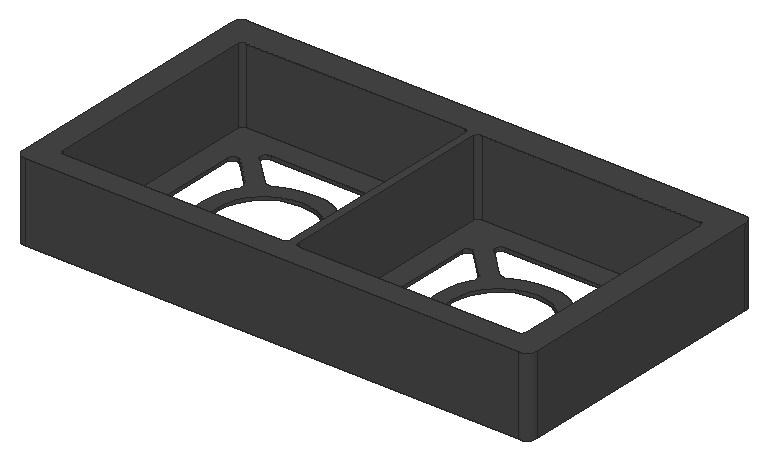
Revit family "ECORASTER Half_Bloxx_without_blocks", category Allgemeines Modell, Revit 2016
Family settings
  Teiletyp = Normal
  Kann Basisbauteil für Bewehrung sein = Nein
  Bemaßung runder Anschluss = Durchmesser verwenden
  Arbeitsebenenbasiert = Nein
  Immer vertikal = Ja
  Beim Laden mit Abzugskörper schneiden = Nein
  Gemeinsam genutzt = Nein
  Raumberechnungspunkt = Nein
Reference planes
  plane 1 "Center (Front/Back)": y = 0
  plane 2: z = 0
  plane 3 "Center (Left/Right)": x = 0
Forms (mm)
  Extrusion 1, solid, material "Black", detail levels fine
    sketch origin (0, 12.645, 0) x (1, 0, 0) y (0, 1, 0)
      loop
        spline (-158.001, 167.355) -> (-158.915, 167.295) -> (-159.813, 167.117) -> (-160.68, 166.823) -> (-161.501, 166.418) -> (-162.262, 165.909) -> (-162.95, 165.305) -> (-163.554, 164.617) -> (-164.062, 163.856) -> (-164.467, 163.035) -> (-164.762, 162.168) -> (-164.94, 161.27) -> (-165, 160.356)
        line (-165, 160.356) -> (-165, -5.646)
        spline (-165, -5.646) -> (-164.94, -6.559) -> (-164.762, -7.457) -> (-164.467, -8.324) -> (-164.062, -9.145) -> (-163.554, -9.907) -> (-162.95, -10.595) -> (-162.262, -11.198) -> (-161.501, -11.707) -> (-160.68, -12.112) -> (-159.813, -12.406) -> (-158.915, -12.585) -> (-158.001, -12.645)
        line (-158.001, -12.645) -> (158.001, -12.645)
        spline (158.001, -12.645) -> (158.915, -12.585) -> (159.813, -12.406) -> (160.68, -12.112) -> (161.501, -11.707) -> (162.262, -11.198) -> (162.95, -10.595) -> (163.554, -9.907) -> (164.062, -9.145) -> (164.467, -8.324) -> (164.762, -7.457) -> (164.94, -6.559) -> (165, -5.646)
        line (165, -5.646) -> (165, 160.356)
        spline (165, 160.356) -> (164.94, 161.27) -> (164.762, 162.168) -> (164.467, 163.035) -> (164.062, 163.856) -> (163.554, 164.617) -> (162.95, 165.305) -> (162.262, 165.909) -> (161.501, 166.418) -> (160.68, 166.823) -> (159.813, 167.117) -> (158.915, 167.295) -> (158.001, 167.355)
        line (158.001, 167.355) -> (-158.001, 167.355)
      loop
        spline (-145.384, 148.384) -> (-145.776, 148.358) -> (-146.161, 148.282) -> (-146.532, 148.156) -> (-146.884, 147.982) -> (-147.211, 147.764) -> (-147.506, 147.506) -> (-147.764, 147.211) -> (-147.982, 146.884) -> (-148.156, 146.532) -> (-148.282, 146.161) -> (-148.358, 145.776) -> (-148.384, 145.384)
        line (-148.384, 145.384) -> (-148.384, 5.474)
        arc (-148.384, 5.474) -> (-147.505, 3.353) -> (-145.384, 2.474) r 3
        line (-145.384, 2.474) -> (-5.474, 2.474)
        arc (-5.474, 2.474) -> (-3.353, 3.353) -> (-2.474, 5.474) r 3
        line (-2.474, 5.474) -> (-2.474, 145.384)
        arc (-2.474, 145.384) -> (-3.353, 147.505) -> (-5.474, 148.384) r 3
        line (-5.474, 148.384) -> (-145.384, 148.384)
      loop
        line (145.384, 148.384) -> (5.474, 148.384)
        arc (5.474, 148.384) -> (3.353, 147.505) -> (2.474, 145.384) r 3
        line (2.474, 145.384) -> (2.474, 5.474)
        arc (2.474, 5.474) -> (3.353, 3.353) -> (5.474, 2.474) r 3
        line (5.474, 2.474) -> (145.384, 2.474)
        arc (145.384, 2.474) -> (147.505, 3.353) -> (148.384, 5.474) r 3
        line (148.384, 5.474) -> (148.384, 145.384)
        spline (148.384, 145.384) -> (148.358, 145.776) -> (148.282, 146.161) -> (148.156, 146.532) -> (147.982, 146.884) -> (147.764, 147.211) -> (147.506, 147.506) -> (147.211, 147.764) -> (146.884, 147.982) -> (146.532, 148.156) -> (146.161, 148.282) -> (145.776, 148.358) -> (145.384, 148.384)
    from 0 to 50
  Extrusion 2, solid, material "Black", detail levels fine
    sketch origin (0, 12.645, 0) x (1, 0, 0) y (0, 1, 0)
      loop
        arc (-54.55, 109.477) -> (-50.722, 108.655) -> (-47.202, 110.369) r 6
        line (-47.202, 110.369) -> (-30.523, 127.048)
        spline (-30.523, 127.048) -> (-30.081, 127.584) -> (-29.752, 128.191) -> (-29.548, 128.848) -> (-29.476, 129.529) -> (-29.54, 130.209) -> (-29.736, 130.861) -> (-30.058, 131.461) -> (-30.494, 131.986) -> (-31.026, 132.417) -> (-31.635, 132.737) -> (-32.297, 132.934) -> (-32.989, 133)
        line (-32.989, 133) -> (-117.511, 133)
        spline (-117.511, 133) -> (-118.203, 132.934) -> (-118.865, 132.737) -> (-119.474, 132.417) -> (-120.006, 131.986) -> (-120.442, 131.461) -> (-120.764, 130.861) -> (-120.96, 130.209) -> (-121.024, 129.529) -> (-120.952, 128.848) -> (-120.748, 128.191) -> (-120.419, 127.584) -> (-119.977, 127.048)
        line (-119.977, 127.048) -> (-103.298, 110.369)
        arc (-103.298, 110.369) -> (-99.778, 108.655) -> (-95.95, 109.477) r 6
        arc (-95.95, 109.477) -> (-75.25, 115.25) -> (-54.55, 109.477) r 40
      loop
        spline (-127.048, 119.977) -> (-127.584, 120.419) -> (-128.191, 120.748) -> (-128.848, 120.952) -> (-129.529, 121.024) -> (-130.209, 120.96) -> (-130.861, 120.764) -> (-131.461, 120.442) -> (-131.986, 120.006) -> (-132.417, 119.474) -> (-132.737, 118.865) -> (-132.934, 118.203) -> (-133, 117.511)
        line (-133, 117.511) -> (-133, 32.989)
        spline (-133, 32.989) -> (-132.934, 32.297) -> (-132.737, 31.635) -> (-132.417, 31.026) -> (-131.986, 30.494) -> (-131.461, 30.058) -> (-130.861, 29.736) -> (-130.209, 29.54) -> (-129.529, 29.476) -> (-128.848, 29.548) -> (-128.191, 29.752) -> (-127.584, 30.081) -> (-127.048, 30.523)
        line (-127.048, 30.523) -> (-110.369, 47.202)
        arc (-110.369, 47.202) -> (-108.655, 50.722) -> (-109.477, 54.55) r 6
        arc (-109.477, 54.55) -> (-115.25, 75.25) -> (-109.477, 95.95) r 40
        arc (-109.477, 95.95) -> (-108.655, 99.778) -> (-110.369, 103.298) r 6
        line (-110.369, 103.298) -> (-127.048, 119.977)
      loop
        circle (-75.25, 75.25) r 30
      loop
        spline (-119.977, 23.452) -> (-120.419, 22.916) -> (-120.748, 22.309) -> (-120.952, 21.652) -> (-121.024, 20.971) -> (-120.96, 20.291) -> (-120.764, 19.639) -> (-120.442, 19.039) -> (-120.006, 18.514) -> (-119.474, 18.083) -> (-118.865, 17.763) -> (-118.203, 17.566) -> (-117.511, 17.5)
        line (-117.511, 17.5) -> (-32.989, 17.5)
        spline (-32.989, 17.5) -> (-32.297, 17.566) -> (-31.635, 17.763) -> (-31.026, 18.083) -> (-30.494, 18.514) -> (-30.058, 19.039) -> (-29.736, 19.639) -> (-29.54, 20.291) -> (-29.476, 20.971) -> (-29.548, 21.652) -> (-29.752, 22.309) -> (-30.081, 22.916) -> (-30.523, 23.452)
        line (-30.523, 23.452) -> (-47.202, 40.131)
        arc (-47.202, 40.131) -> (-50.722, 41.845) -> (-54.55, 41.023) r 6
        arc (-54.55, 41.023) -> (-75.25, 35.25) -> (-95.95, 41.023) r 40
        arc (-95.95, 41.023) -> (-99.778, 41.845) -> (-103.298, 40.131) r 6
        line (-103.298, 40.131) -> (-119.977, 23.452)
      loop
        spline (-17.5, 117.511) -> (-17.566, 118.203) -> (-17.763, 118.865) -> (-18.083, 119.474) -> (-18.514, 120.006) -> (-19.039, 120.442) -> (-19.639, 120.764) -> (-20.291, 120.96) -> (-20.971, 121.024) -> (-21.652, 120.952) -> (-22.309, 120.748) -> (-22.916, 120.419) -> (-23.452, 119.977)
        line (-23.452, 119.977) -> (-40.131, 103.298)
        arc (-40.131, 103.298) -> (-41.845, 99.778) -> (-41.023, 95.95) r 6
        arc (-41.023, 95.95) -> (-35.25, 75.25) -> (-41.023, 54.55) r 40
        arc (-41.023, 54.55) -> (-41.845, 50.722) -> (-40.131, 47.202) r 6
        line (-40.131, 47.202) -> (-23.452, 30.523)
        spline (-23.452, 30.523) -> (-22.916, 30.081) -> (-22.309, 29.752) -> (-21.652, 29.548) -> (-20.971, 29.476) -> (-20.291, 29.54) -> (-19.639, 29.736) -> (-19.039, 30.058) -> (-18.514, 30.494) -> (-18.083, 31.026) -> (-17.763, 31.635) -> (-17.566, 32.297) -> (-17.5, 32.989)
        line (-17.5, 32.989) -> (-17.5, 117.511)
      loop
        spline (-145.384, 148.384) -> (-145.776, 148.358) -> (-146.161, 148.282) -> (-146.532, 148.156) -> (-146.884, 147.982) -> (-147.211, 147.764) -> (-147.506, 147.506) -> (-147.764, 147.211) -> (-147.982, 146.884) -> (-148.156, 146.532) -> (-148.282, 146.161) -> (-148.358, 145.776) -> (-148.384, 145.384)
        line (-148.384, 145.384) -> (-148.384, 5.474)
        arc (-148.384, 5.474) -> (-147.505, 3.353) -> (-145.384, 2.474) r 3
        line (-145.384, 2.474) -> (-5.474, 2.474)
        arc (-5.474, 2.474) -> (-3.353, 3.353) -> (-2.474, 5.474) r 3
        line (-2.474, 5.474) -> (-2.474, 145.384)
        arc (-2.474, 145.384) -> (-3.353, 147.505) -> (-5.474, 148.384) r 3
        line (-5.474, 148.384) -> (-145.384, 148.384)
      loop
        arc (54.55, 109.477) -> (75.25, 115.25) -> (95.95, 109.477) r 40
        arc (95.95, 109.477) -> (99.778, 108.655) -> (103.298, 110.369) r 6
        line (103.298, 110.369) -> (119.977, 127.048)
        spline (119.977, 127.048) -> (120.419, 127.584) -> (120.748, 128.191) -> (120.952, 128.848) -> (121.024, 129.529) -> (120.96, 130.209) -> (120.764, 130.861) -> (120.442, 131.461) -> (120.006, 131.986) -> (119.474, 132.417) -> (118.865, 132.737) -> (118.203, 132.934) -> (117.511, 133)
        line (117.511, 133) -> (32.989, 133)
        spline (32.989, 133) -> (32.297, 132.934) -> (31.635, 132.737) -> (31.026, 132.417) -> (30.494, 131.986) -> (30.058, 131.461) -> (29.736, 130.861) -> (29.54, 130.209) -> (29.476, 129.529) -> (29.548, 128.848) -> (29.752, 128.191) -> (30.081, 127.584) -> (30.523, 127.048)
        line (30.523, 127.048) -> (47.202, 110.369)
        arc (47.202, 110.369) -> (50.722, 108.655) -> (54.55, 109.477) r 6
      loop
        line (127.048, 119.977) -> (110.369, 103.298)
        arc (110.369, 103.298) -> (108.655, 99.778) -> (109.477, 95.95) r 6
        arc (109.477, 95.95) -> (115.25, 75.25) -> (109.477, 54.55) r 40
        arc (109.477, 54.55) -> (108.655, 50.722) -> (110.369, 47.202) r 6
        line (110.369, 47.202) -> (127.048, 30.523)
        spline (127.048, 30.523) -> (127.584, 30.081) -> (128.191, 29.752) -> (128.848, 29.548) -> (129.529, 29.476) -> (130.209, 29.54) -> (130.861, 29.736) -> (131.461, 30.058) -> (131.986, 30.494) -> (132.417, 31.026) -> (132.737, 31.635) -> (132.934, 32.297) -> (133, 32.989)
        line (133, 32.989) -> (133, 117.511)
        spline (133, 117.511) -> (132.934, 118.203) -> (132.737, 118.865) -> (132.417, 119.474) -> (131.986, 120.006) -> (131.461, 120.442) -> (130.861, 120.764) -> (130.209, 120.96) -> (129.529, 121.024) -> (128.848, 120.952) -> (128.191, 120.748) -> (127.584, 120.419) -> (127.048, 119.977)
      loop
        circle (75.25, 75.25) r 30
      loop
        line (119.977, 23.452) -> (103.298, 40.131)
        arc (103.298, 40.131) -> (99.778, 41.845) -> (95.95, 41.023) r 6
        arc (95.95, 41.023) -> (75.25, 35.25) -> (54.55, 41.023) r 40
        arc (54.55, 41.023) -> (50.722, 41.845) -> (47.202, 40.131) r 6
        line (47.202, 40.131) -> (30.523, 23.452)
        spline (30.523, 23.452) -> (30.081, 22.916) -> (29.752, 22.309) -> (29.548, 21.652) -> (29.476, 20.971) -> (29.54, 20.291) -> (29.736, 19.639) -> (30.058, 19.039) -> (30.494, 18.514) -> (31.026, 18.083) -> (31.635, 17.763) -> (32.297, 17.566) -> (32.989, 17.5)
        line (32.989, 17.5) -> (117.511, 17.5)
        spline (117.511, 17.5) -> (118.203, 17.566) -> (118.865, 17.763) -> (119.474, 18.083) -> (120.006, 18.514) -> (120.442, 19.039) -> (120.764, 19.639) -> (120.96, 20.291) -> (121.024, 20.971) -> (120.952, 21.652) -> (120.748, 22.309) -> (120.419, 22.916) -> (119.977, 23.452)
      loop
        line (17.5, 117.511) -> (17.5, 32.989)
        spline (17.5, 32.989) -> (17.566, 32.297) -> (17.763, 31.635) -> (18.083, 31.026) -> (18.514, 30.494) -> (19.039, 30.058) -> (19.639, 29.736) -> (20.291, 29.54) -> (20.971, 29.476) -> (21.652, 29.548) -> (22.309, 29.752) -> (22.916, 30.081) -> (23.452, 30.523)
        line (23.452, 30.523) -> (40.131, 47.202)
        arc (40.131, 47.202) -> (41.845, 50.722) -> (41.023, 54.55) r 6
        arc (41.023, 54.55) -> (35.25, 75.25) -> (41.023, 95.95) r 40
        arc (41.023, 95.95) -> (41.845, 99.778) -> (40.131, 103.298) r 6
        line (40.131, 103.298) -> (23.452, 119.977)
        spline (23.452, 119.977) -> (22.916, 120.419) -> (22.309, 120.748) -> (21.652, 120.952) -> (20.971, 121.024) -> (20.291, 120.96) -> (19.639, 120.764) -> (19.039, 120.442) -> (18.514, 120.006) -> (18.083, 119.474) -> (17.763, 118.865) -> (17.566, 118.203) -> (17.5, 117.511)
      loop
        line (145.384, 148.384) -> (5.474, 148.384)
        arc (5.474, 148.384) -> (3.353, 147.505) -> (2.474, 145.384) r 3
        line (2.474, 145.384) -> (2.474, 5.474)
        arc (2.474, 5.474) -> (3.353, 3.353) -> (5.474, 2.474) r 3
        line (5.474, 2.474) -> (145.384, 2.474)
        arc (145.384, 2.474) -> (147.505, 3.353) -> (148.384, 5.474) r 3
        line (148.384, 5.474) -> (148.384, 145.384)
        spline (148.384, 145.384) -> (148.358, 145.776) -> (148.282, 146.161) -> (148.156, 146.532) -> (147.982, 146.884) -> (147.764, 147.211) -> (147.506, 147.506) -> (147.211, 147.764) -> (146.884, 147.982) -> (146.532, 148.156) -> (146.161, 148.282) -> (145.776, 148.358) -> (145.384, 148.384)
    from 0 to 2
  Extrusion 3, solid, material "Black", detail levels coarse+medium
    sketch origin (60.454, -345.242, 0) x (1, 0, 0) y (0, 1, 0)
      loop
        line (-225.454, 525.242) -> (-225.454, 345.242) -> (104.546, 345.242) -> (104.546, 525.242) -> (-225.454, 525.242)
    from 0 to 50
